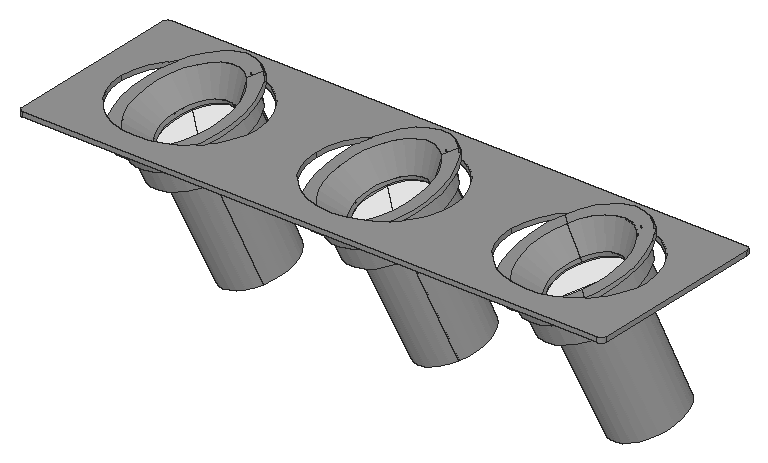
Revit family "0005312", category Lighting Fixtures, host Face, Revit 2017
Family settings
  Host = Face
  Round Connector Dimension = Use Diameter
  Part Type = Normal
  OmniClass Number = 23.80.70.00
  OmniClass Title = Lighting
  Cut with Voids When Loaded = No
  Light Source = No
  Shared = No
  Room Calculation Point = No
Parameters (values of type "0005312+0005306 Ludospot 50 Hous Sqr Rect X3 Cardan WHT + Ludospot 50 940lm 940 WB DIM")
  Weight = "n/a"
  Wattage Comments = ""
  WarrantyStartDate [instance] = "n/a"
  WarrantyGuarantorParts = "n/a"
  WarrantyDurationUnit = "n/a"
  WarrantyDurationParts = "n/a"
  WarrantyDescription = "n/a"
  WallThickness_SYL = 2 mm
  Voltage = 0 V
  VerticalRotationMid_SYL [instance] = 112.00°
  VerticalRotationRight_SYL [instance] = 112.00°
  VerticalRotationLeft_SYL [instance] = 112.00°
  URL = "http://www.sylvania-lighting.com"
  TypeName = "Ludospot 50 Hous Sqr Rect X3 Cardan WHT + Ludospot 50 940lm 940 WB DIM"
  TypeLamp_SYL = Ludospot 50 Modules : 0005306 Ludospot 50 940lm 940 WB DIM
  Type Image = <None>
  Type Comments = "n/a"
  TrimWidth_SYL = 105 mm
  TrimLength_SYL = 330 mm
  TrimHeight_SYL = 2.5 mm
  SerialNumber [instance] = "n/a"
  RecessWidth_SYL = 95 mm
  RecessLength_SYL = 315 mm
  RecessDepth_SYL = 100 mm
  RadiusTrim_SYL = 3 mm
  Material_3_SYL = none
  PowerFactor = 0.9
  PowerConsumption = "12 W"
  NominalLength = 220 mm
  NominalHeight = 0 mm
  NominalDepth = 105 mm
  Name = "Ludospot 50 Hous Sqr Rect X3 Cardan WHT + Ludospot 50 940lm 940 WB DIM"
  ModelReference = Name  # "Ludospot 50 Hous Sqr Rect X3 Cardan WHT + Ludospot 50 940lm 940 WB DIM"
  ModelNumber = "0005312+0005306"
  Model = Name  # "Ludospot 50 Hous Sqr Rect X3 Cardan WHT + Ludospot 50 940lm 940 WB DIM"
  Material = "aluminium housing"
  ManufacturerName = "Feilo Sylvania"
  Manufacturer = "Feilo Sylvania"
  LuminousEfficacy = "n/a"
  LuminaireType = ""
  LightOutputRatio = "n/a"
  LampsType = Lamp  # "LED"
  LampNominalLuminous = "940 lm"
  LampMacAdamStep = "3"
  LampColourTemperature = "4000 K"
  LampColourRenderingIndex = "90"
  Lamp = "LED"
  Keynote = "16500"
  InstallationDate [instance] = "n/a"
  InputVoltage = "220-240 V AC"
  InputNominalFrequency = "50/60 HZ"
  IngressProtection = "IP20"
  ImpactProtectionIndex = "IK03"
  IfcExportType = "IfcLightFixtureType"
  IfcExportAs = "IfcLightFixtureType"
  HorizontalRotationMid_SYL [instance] = 315.00°
  HorizontalRotationRight_SYL [instance] = 315.00°
  HorizontalRotationLeft_SYL [instance] = 315.00°
  HoleDist_SYL = 220 mm
  EndAngleMid_SYL [instance] = HorizontalRotationMid_SYL + 180.00°  # 495.00°
  EndAngleRight_SYL [instance] = HorizontalRotationRight_SYL + 180.00°  # 495.00°
  EndAngleLeft_SYL [instance] = HorizontalRotationLeft_SYL + 180.00°  # 495.00°
  ElectricShockClassification = "Class II"
  DocumentationLiterature = "http://www.sylvania-lighting.com/product/en-int/products/0005312"
  DimmingControlOptions = "n/a"
  Material_2_SYL = none
  Description = ""
  Default Elevation = 1219.2 mm
  CreatedOn = "7/29/2019"
  CreatedBy = "@sylvania-lighting.com"
  Cost = 0
  built-in parameter 1114216 [instance] = (empty or 0)
  ClassificationValue = "EF_70_80"
  ClassificationName = "Uniclass2015"
  Material_1_SYL = PC/ABS Plastic
  CircularCutOutDia_SYL = 38.5 mm
  BarCode [instance] = "n/a"
  AssetType = "Fixed"
  AssetIdentifier [instance] = "n/a"
  Assembly Code = "D5020200"
  Apparent Load = 0 VA
  Material_4_SYL = none
Types (6, lengths in mm): name | TypeName | TypeLamp_SYL | Name | ModelReference | ModelNumber | Model | LampNominalLuminous | LampColourTemperature
  0005312+0005306 Ludospot 50 Hous Sqr Rect X3 Cardan WHT + Ludospot 50 940lm 940 WB DIM | "Ludospot 50 Hous Sqr Rect X3 Cardan WHT + Ludospot 50 940lm 940 WB DIM" | Ludospot 50 Modules : 0005306 Ludospot 50 940lm 940 WB DIM | "Ludospot 50 Hous Sqr Rect X3 Cardan WHT + Ludospot 50 940lm 940 WB DIM" | "Ludospot 50 Hous Sqr Rect X3 Cardan WHT + Ludospot 50 940lm 940 WB DIM" | "0005312+0005306" | "Ludospot 50 Hous Sqr Rect X3 Cardan WHT + Ludospot 50 940lm 940 WB DIM" | "940 lm" | "4000 K"
  0005312+0005305 Ludospot 50 Hous Sqr Rect X3 Cardan WHT + Ludospot 50 920lm 930 WB DIM | "Ludospot 50 Hous Sqr Rect X3 Cardan WHT + Ludospot 50 920lm 930 WB DIM" | Ludospot 50 Modules : 0005305 Ludospot 50 920lm 940 WB DIM | "Ludospot 50 Hous Sqr Rect X3 Cardan WHT + Ludospot 50 920lm 930 WB DIM" | "Ludospot 50 Hous Sqr Rect X3 Cardan WHT + Ludospot 50 920lm 930 WB DIM" | "0005312+0005305" | "Ludospot 50 Hous Sqr Rect X3 Cardan WHT + Ludospot 50 920lm 930 WB DIM" | "920 lm" | "3000 K"
  0005312+0005304 Ludospot 50 Hous Sqr Rect X3 Cardan WHT + Ludospot 50 1000lm 940 MB DIM | "Ludospot 50 Hous Sqr Rect X3 Cardan WHT + Ludospot 50 1000lm 940 MB DIM" | Ludospot 50 Modules : 0005304 Ludospot 50 1000lm 940 MB DIM | "Ludospot 50 Hous Sqr Rect X3 Cardan WHT + Ludospot 50 1000lm 940 MB DIM" | "Ludospot 50 Hous Sqr Rect X3 Cardan WHT + Ludospot 50 1000lm 940 MB DIM" | "0005312+0005304" | "Ludospot 50 Hous Sqr Rect X3 Cardan WHT + Ludospot 50 1000lm 940 MB DIM" | "950 lm" | "4000 K"
  0005312+0005303 Ludospot 50 Hous Sqr Rect X3 Cardan WHT + Ludospot 50 950lm 930 MB DIM | "Ludospot 50 Hous Sqr Rect X3 Cardan WHT + Ludospot 50 950lm 930 MB DIM" | Ludospot 50 Modules : 0005303 Ludospot 50 950lm 930 MB DIM | "Ludospot 50 Hous Sqr Rect X3 Cardan WHT + Ludospot 50 950lm 930 MB DIM" | "Ludospot 50 Hous Sqr Rect X3 Cardan WHT + Ludospot 50 950lm 930 MB DIM" | "0005312+0005303" | "Ludospot 50 Hous Sqr Rect X3 Cardan WHT + Ludospot 50 950lm 930 MB DIM" | "1000 lm" | "3000 K"
  0005312+0005302 Ludospot 50 Hous Sqr Rect X3 Cardan WHT + Ludospot 50 990lm 940 NB DIM | "Ludospot 50 Hous Sqr Rect X3 Cardan WHT + Ludospot 50 990lm 940 NB DIM" | Ludospot 50 Modules : 0005302 Ludospot 50 990lm 930 NB DIM | "Ludospot 50 Hous Sqr Rect X3 Cardan WHT + Ludospot 50 990lm 940 NB DIM" | "Ludospot 50 Hous Sqr Rect X3 Cardan WHT + Ludospot 50 990lm 940 NB DIM" | "0005312+0005302" | "Ludospot 50 Hous Sqr Rect X3 Cardan WHT + Ludospot 50 990lm 940 NB DIM" | "990 lm" | "4000 K"
  0005312+0005301 Ludospot 50 Hous Sqr Rect X3 Cardan WHT + Ludospot 50 950lm 930 NB DIM | "Ludospot 50 Hous Sqr Rect X3 Cardan WHT + Ludospot 50 950lm 930 NB DIM" | Ludospot 50 Modules : 0005301 Ludospot 50 950lm 930 NB DIM | "Ludospot 50 Hous Sqr Rect X3 Cardan WHT + Ludospot 50 950lm 930 NB DIM" | "Ludospot 50 Hous Sqr Rect X3 Cardan WHT + Ludospot 50 950lm 930 NB DIM" | "0005312+0005301" | "Ludospot 50 Hous Sqr Rect X3 Cardan WHT + Ludospot 50 950lm 930 NB DIM" | "950 lm" | "3000 K"
Reference planes
  plane 1 "Center (Front/Back)": y = 0
  plane 2: z = 0
  plane 3 "Center (Left/Right)": x = 0
  plane 4: x = -165
  plane 5: x = 165
  plane 6: y = 52.5
  plane 7: y = -52.5
  plane 8: x = 157.5
  plane 9: x = -157.5
  plane 10: y = 47.5
  plane 11: y = -47.5
  plane 12: z = -100
  plane 13: x = -100
  plane 14: x = 100
  plane 15: y = 43
  plane 16: y = -43
  plane 17: z = 2.5
  plane 18: x = -98
  plane 19: x = 98
  plane 20: y = 41
  plane 21: y = -41
  plane 22: z = 2.5
  plane 23: x = 110
  plane 24: x = -110
  plane 25: z = -18.5
  plane 26: z = -3.5
Forms (mm)
  Extrusion 1, void
    sketch origin (0, 0, 0) x (1, 0, 0) y (0, 1, 0)
      loop
        line (-157.5, 47.5) -> (-157.5, -47.5) -> (157.5, -47.5) -> (157.5, 47.5) -> (-157.5, 47.5)
    from 0 to -100
  Extrusion 2, solid, material "PC/ABS Plastic" <- "Material_1_SYL"
    sketch origin (0, 0, 0) x (1, 0, 0) y (0, 1, 0)
      loop
        arc (-162, 52.5) -> (-164.121, 51.621) -> (-165, 49.5) r 3
        line (-165, 49.5) -> (-165, -49.5)
        arc (-165, -49.5) -> (-164.121, -51.621) -> (-162, -52.5) r 3
        line (-162, -52.5) -> (162, -52.5)
        arc (162, -52.5) -> (164.121, -51.621) -> (165, -49.5) r 3
        line (165, -49.5) -> (165, 49.5)
        arc (165, 49.5) -> (164.121, 51.621) -> (162, 52.5) r 3
        line (162, 52.5) -> (-162, 52.5)
    from 0 to 2.5
  Extrusion 3, void
    sketch origin (1223.4, -4572, 2.5) x (-1, 0, 0) y (0, -1, 0)
      loop
        circle (1333.4, -4572) r 38.5
      loop
        circle (1113.4, -4572) r 38.5
      loop
        circle (1223.4, -4572) r 38.5
    from 0 to -21
  Revolve 4, solid, not visible
    sketch origin (0, 0, 1.484) x (1, 0, 0) y (0, 0, 1)
      loop
        line (-110, -19.984) -> (-110, -29.984) -> (-105, -29.984) -> (-105, -19.984) -> (-110, -19.984)
      axis (-110, -19.984) -> (-110, -29.984)
    angle from 315 <- "HorizontalRotationLeft_SYL" to 495 <- "EndAngleLeft_SYL"
  Revolve 5, solid, not visible
    sketch origin (0, 0, 1.484) x (1, 0, 0) y (0, 0, 1)
      loop
        line (110, -19.984) -> (110, -29.984) -> (115, -29.984) -> (115, -19.984) -> (110, -19.984)
      axis (110, -19.984) -> (110, -29.984)
    angle from 315 <- "HorizontalRotationRight_SYL" to 495 <- "EndAngleRight_SYL"
  Revolve 6, solid, not visible
    sketch origin (0, 0, 0) x (1, 0, 0) y (0, 0, 1)
      loop
        line (0, -18.5) -> (0, -28.5) -> (5, -28.5) -> (5, -18.5) -> (0, -18.5)
      axis (0, -18.5) -> (0, -28.5)
    angle from 315 <- "HorizontalRotationMid_SYL" to 495 <- "EndAngleMid_SYL"
Cuts and joins
  Extrusion 3 cuts Extrusion 2
Lines and regions (mm)
  reference lines
    curve 1: circle (-110, 0, 2.5) r 38.5 normal (0, 0, -1)
    curve 2: circle (110, 0, 2.5) r 38.5 normal (0, 0, -1)
    curve 3: circle (0, 0, 2.5) r 38.5 normal (0, 0, -1)
Dimensions and locks
  equal spacing: plane 11, plane 1 "Center (Front/Back)", plane 10
  equal spacing: plane 9, plane 3 "Center (Left/Right)", plane 8
  equal spacing: plane 4, plane 3 "Center (Left/Right)", plane 5
  equal spacing: plane 7, plane 1 "Center (Front/Back)", plane 6
  "TrimLength_SYL": plane 4 to plane 5
  "TrimWidth_SYL": plane 7 to plane 6
  "RecessWidth_SYL": plane 11 to plane 10
  "RecessLength_SYL": plane 9 to plane 8
  "RecessDepth_SYL": plane 2 to plane 12
  equal spacing: plane 13, plane 3 "Center (Left/Right)", plane 14
  locked: plane 13 to plane 14 at 200
  equal spacing: plane 16, plane 1 "Center (Front/Back)", plane 15
  locked: plane 16 to plane 15 at 86
  "TrimHeight_SYL": plane 17 to plane 2
  equal spacing: plane 18, plane 3 "Center (Left/Right)", plane 19
  equal spacing: plane 21, plane 1 "Center (Front/Back)", plane 20
  "WallThickness_SYL": plane 13 to plane 18
  "WallThickness_SYL": plane 16 to plane 21
  equal spacing: plane 24, plane 3 "Center (Left/Right)", plane 23
  "HoleDist_SYL": plane 24 to plane 23
  locked: plane 22 to plane 26 at 6
  equal spacing: host sketch curve, plane 1 "Center (Front/Back)", host sketch curve
  equal spacing: host sketch curve, plane 3 "Center (Left/Right)", host sketch curve
  "CircularCutOutDia_SYL": radius of curve 2
  "CircularCutOutDia_SYL": radius of curve 1
  "RadiusTrim_SYL": radius of Extrusion 2 sketch curve  (x4)
  "CircularCutOutDia_SYL": radius of curve 3
  aligned and locked: plane 2 to host face
  aligned and locked: level to host face
  aligned and locked: plane 10 to Extrusion 1 sketch curve
  aligned and locked: plane 9 to Extrusion 1 sketch curve
  aligned and locked: Extrusion 1 sketch curve to plane 11
  aligned and locked: Extrusion 1 sketch curve to plane 8
  aligned and locked: level to Extrusion 1
  aligned and locked: plane 12 to Extrusion 1
  aligned and locked: plane 2 to Extrusion 1
  aligned and locked: plane 6 to Extrusion 2 sketch curve
  aligned and locked: plane 4 to Extrusion 2 sketch curve
  aligned and locked: Extrusion 2 sketch curve to plane 7
  aligned and locked: Extrusion 2 sketch curve to plane 5
  aligned and locked: Extrusion 2 to plane 17
  aligned and locked: Extrusion 2 to level
  aligned and locked: Extrusion 3 sketch curve to curve 1
  aligned and locked: Extrusion 3 sketch curve to curve 2
  aligned and locked: Extrusion 3 to plane 22
  aligned and locked: plane 25 to Extrusion 3
  aligned and locked: Revolve 4 sketch curve to plane 24
  aligned and locked: plane 24 to Revolve 4 sketch curve
  aligned and locked: Revolve 5 sketch curve to plane 23
  aligned and locked: plane 23 to Revolve 5 sketch curve
  aligned and locked: Extrusion 3 sketch curve to curve 3
  aligned and locked: plane 25 to Revolve 6 sketch curve
  aligned and locked: plane 3 "Center (Left/Right)" to Revolve 6 sketch curve
  aligned and locked: Revolve 6 sketch curve to plane 3 "Center (Left/Right)"
Automatic sketch dimensions
  plane 24 to Revolve 4 sketch curve = 5 mm
  Revolve 4 sketch curve to Revolve 4 sketch curve = 10 mm
  plane 12 to Revolve 4 sketch curve = 203.316 mm
  Revolve 4 sketch curve to plane 17 = 2437.384 mm
  plane 23 to Revolve 5 sketch curve = 5 mm
  Revolve 5 sketch curve to Revolve 5 sketch curve = 10 mm
  plane 12 to Revolve 5 sketch curve = 203.316 mm
  Revolve 5 sketch curve to plane 17 = 2437.384 mm
  Revolve 4 sketch curve to plane 25 = 0 mm
  Revolve 5 sketch curve to plane 25 = 0 mm
  plane 3 "Center (Left/Right)" to Revolve 6 sketch curve = 5 mm
  plane 25 to Revolve 6 sketch curve = 10 mm
  plane 12 to Revolve 6 sketch curve = 509.6 mm
  Revolve 6 sketch curve to plane 17 = 2606.558 mm
  plane 1 "Center (Front/Back)" to curve 2 = 0 mm
  plane 1 "Center (Front/Back)" to curve 3 = 0 mm
  plane 1 "Center (Front/Back)" to curve 1 = 0 mm
  curve 1 to plane 24 = 0 mm
  curve 3 to plane 3 "Center (Left/Right)" = 0 mm
  curve 2 to plane 23 = 0 mm
Nested families
  nested 1: "VerticalRotation" at (110, 0, -3.5) x (-0.7071, 0.7071, 0) z (-0.7071, -0.7071, 0), VerticalRotation_SYL <- "VerticalRotationRight_SYL", type "Type Name", not visible
    with VerticalRotation_SYL 112.00°, EndAngleV_SYL 292.00°
  nested 2: "VerticalRotation" at (-110, 0, -3.5) x (-0.7071, 0.7071, 0) z (-0.7071, -0.7071, 0), VerticalRotation_SYL <- "VerticalRotationLeft_SYL", type "Type Name", not visible
    with VerticalRotation_SYL 112.00°, EndAngleV_SYL 292.00°
  nested 3: "Dial" at (110, 0, -3.5) x (0.7071, -0.7071, 0) z (0.2649, 0.2649, -0.9272), type "Type Name"
  nested 4: "Dial" at (-110, 0, -3.5) x (0.6556, 0.6556, 0.3746) z (0.2649, 0.2649, -0.9272), type "Type Name"
  nested 5: "Ludospot 50 Modules" at (-107.616, 2.384, -11.845) x (0.7071, -0.7071, 0) z (-0.2649, -0.2649, 0.9272), type <- "TypeLamp_SYL", type "0005306 Ludospot 50 940lm 940 WB DIM"
    with WarrantyStartDate "n/a", SerialNumber "n/a", InstallationDate "n/a", built-in parameter 1114216 (empty or 0), BarCode "n/a", AssetIdentifier "n/a"
  nested 6: "Ludospot 50 Modules" at (112.384, 2.384, -11.845) x (-0.6556, -0.6556, -0.3746) z (-0.2649, -0.2649, 0.9272), type <- "TypeLamp_SYL", type "0005306 Ludospot 50 940lm 940 WB DIM"
    with WarrantyStartDate "n/a", SerialNumber "n/a", InstallationDate "n/a", built-in parameter 1114216 (empty or 0), BarCode "n/a", AssetIdentifier "n/a"
  nested 7: "VerticalRotation" at (0, 0, -3.5) x (-0.7071, 0.7071, 0) z (-0.7071, -0.7071, 0), VerticalRotation_SYL <- "VerticalRotationMid_SYL", type "Type Name", not visible
    with VerticalRotation_SYL 112.00°, EndAngleV_SYL 292.00°
  nested 8: "Dial" at (0, 0, -3.5) x (0.6556, 0.6556, 0.3746) z (0.2649, 0.2649, -0.9272), type "Type Name"
  nested 9: "Ludospot 50 Modules" at (2.384, 2.384, -11.845) x (0.7071, -0.7071, 0) z (-0.2649, -0.2649, 0.9272), type <- "TypeLamp_SYL", type "0005306 Ludospot 50 940lm 940 WB DIM"
    with WarrantyStartDate "n/a", SerialNumber "n/a", InstallationDate "n/a", built-in parameter 1114216 (empty or 0), BarCode "n/a", AssetIdentifier "n/a"
Definition of nested family "VerticalRotation"
  Parameters (values of type "Type Name")
    VerticalRotation_SYL [instance] = 0.00°
    URL = "http://www.sylvania-lighting.com"
    Type Image = (empty or 0)
    Type Comments = "n/a"
    Material_3_SYL = none
    Model = ""
    Manufacturer = "Feilo Sylvania"
    Keynote = ""
    Material_2_SYL = none
    EndAngleV_SYL [instance] = VerticalRotation_SYL + 180.00°  # 180.00°
    Description = ""
    Default Elevation = 1219.2 mm
    Cost = 0
    Material_1_SYL = none
    Assembly Code = ""
    Material_4_SYL = none
  Reference planes
    plane 1 "Center (Front/Back)": y = 0
    plane 2: z = 0
    plane 3 "Center (Left/Right)": x = 0
  Forms (mm)
    Extrusion 1, solid
      sketch origin (4.2, 0, 0) x (1, 0, 0) y (0, 1, 0)
        loop
          line (-1219.2, 1219.2) -> (-1219.2, -1219.2) -> (1219.2, -1219.2) -> (1219.2, 1219.2) -> (-1219.2, 1219.2)
      from 0 to -68.017
    Revolve 2, solid
      sketch origin (0, 0, 0) x (1, 0, 0) y (0, 1, 0)
        loop
          line (0, 0) -> (25, 0) -> (25, 10) -> (0, 10) -> (0, 0)
        axis (25, 0) -> (0, 0)
      angle from 0 <- "VerticalRotation_SYL" to 180 <- "EndAngleV_SYL"
  Dimensions and locks
    aligned and locked: plane 2 to Extrusion 1
    aligned and locked: level to Extrusion 1
    aligned and locked: Revolve 2 sketch curve to plane 1 "Center (Front/Back)"
Definition of nested family "Dial"
  Parameters (values of type "Type Name")
    URL = "http://www.sylvania-lighting.com"
    Type Image = (empty or 0)
    Type Comments = "n/a"
    Material_3_SYL = none
    Model = ""
    Manufacturer = "Feilo Sylvania"
    Keynote = ""
    Material_2_SYL = none
    Description = ""
    Default Elevation = 1219.2 mm
    Cost = 0
    Material_1_SYL = none
    Assembly Code = ""
    Material_4_SYL = none
  Reference planes
    plane 1 "Center (Front/Back)": y = 0
    plane 2: z = 0
    plane 3 "Center (Left/Right)": x = 0
    plane 4: x = -38.2
    plane 5: x = -30
    plane 6: x = -20
    plane 7: x = -25
    plane 8: z = 7
    plane 9: z = 9
    plane 10: z = 20
    plane 11: z = -6
    plane 12: x = -32.5
    plane 13: z = -4
  Forms (mm)
    Extrusion 1, solid
      sketch origin (4.2, 0, 0) x (1, 0, 0) y (0, 1, 0)
        loop
          line (-1219.2, 1219.2) -> (-1219.2, -1219.2) -> (1219.2, -1219.2) -> (1219.2, 1219.2) -> (-1219.2, 1219.2)
      from 0 to -68.017
    Revolve 2, solid, material <- "Material_1_SYL"
      sketch origin (0, 0, 0) x (1, 0, 0) y (0, 0, 1)
        loop
          line (-25, 20) -> (-30, 20) -> (-30, 7) -> (-32.5, 7) -> (-32.5, -4) -> (-38.2, -4) -> (-38.2, -6) -> (-30, -6) -> (-20, 7) -> (-20, 9) -> (-25, 9) -> (-25, 20)
        axis (0, 20) -> (0, -6)
      angle from 360 to 0
  Dimensions and locks
    locked: plane 2 to plane 11 at 6
    locked: plane 9 to plane 11 at 15
    locked: plane 9 to plane 8 at 2
    locked: plane 10 to plane 11 at 26
    locked: plane 3 "Center (Left/Right)" to plane 4 at 38.2
    locked: plane 3 "Center (Left/Right)" to plane 5 at 30
    locked: plane 3 "Center (Left/Right)" to plane 7 at 25
    locked: plane 3 "Center (Left/Right)" to plane 6 at 20
    locked: plane 3 "Center (Left/Right)" to plane 12 at 32.5
    locked: plane 13 to plane 11 at 2
    aligned and locked: plane 2 to Extrusion 1
    aligned and locked: level to Extrusion 1
    aligned and locked: Revolve 2 sketch curve to plane 3 "Center (Left/Right)"
    aligned and locked: plane 7 to Revolve 2 sketch curve  (x2)
    aligned and locked: Revolve 2 sketch curve to plane 10
    aligned and locked: Revolve 2 sketch curve to plane 5
    aligned and locked: plane 11 to Revolve 2 sketch curve  (x2)
    aligned and locked: Revolve 2 sketch curve to plane 4
    aligned and locked: plane 6 to Revolve 2 sketch curve  (x2)
    aligned and locked: Revolve 2 sketch curve to plane 9
    aligned and locked: plane 12 to Revolve 2 sketch curve
    aligned and locked: plane 8 to Revolve 2 sketch curve
Definition of nested family "Ludospot 50 Modules"
  Parameters (values of type "0005305 Ludospot 50 920lm 940 WB DIM")
    Weight = ""
    Wattage Comments = ""
    Wattage = 12 W
    WarrantyStartDate [instance] = "n/a"
    WarrantyGuarantorParts = "n/a"
    WarrantyDurationUnit = "n/a"
    WarrantyDurationParts = "n/a"
    WarrantyDescription = "n/a"
    built-in parameter 1150110 = 1 (stored number, unit not read)
    Voltage = 220 V
    URL = "http://www.sylvania-lighting.com"
    TypeName = "Ludospot 50 920lm 940 WB DIM"
    Type Image = (empty or 0)
    Type Comments = "n/a"
    built-in parameter 1114217 = 1 (stored number, unit not read)
    Tilt Angle = -90.00°
    built-in parameter 1150109 = 1 (stored number, unit not read)
    built-in parameter 1150134 = (empty or 0)
    built-in parameter 1150113 = 1 (stored number, unit not read)
    SerialNumber [instance] = "n/a"
    Photometric Web File = "0005305.ies"
    Material_3_SYL = none
    PowerFactor = 0.9
    PowerConsumption = "12 W"
    NominalLength = 50 mm
    NominalHeight = 73 mm
    NominalDepth = 50 mm
    Name = "0005305 Ludospot 50 920lm 940 WB DIM"
    ModelReference = Name  # "0005305 Ludospot 50 920lm 940 WB DIM"
    ModelNumber = "0005305"
    Model = Name  # "0005305 Ludospot 50 920lm 940 WB DIM"
    Material = "aluminium housing"
    ManufacturerName = "Feilo Sylvania"
    Manufacturer = "Feilo Sylvania"
    LuminousEfficacy = "77 lm/W"
    built-in parameter 1150105 = 73.53 (stored number, unit not read)
    Lumens = 924 lm
    LuminaireType = ""
    built-in parameter 1150115 = 1 (stored number, unit not read)
    LightOutputRatio = ""
    built-in parameter 1150137 = (empty or 0)
    built-in parameter 1150139 = (empty or 0)
    LampsType = Lamp  # "LED"
    LampNominalLuminous = "920 lm"
    LampMacAdamStep = "3"
    LampColourTemperature = "3000 K"
    LampColourRenderingIndex = "90"
    built-in parameter 1150112 = 1 (stored number, unit not read)
    built-in parameter 1150114 = 1 (stored number, unit not read)
    Lamp = "LED"
    Keynote = "16500"
    InstallationDate [instance] = "n/a"
    InputVoltage = "220-240 V AC"
    InputNominalFrequency = "50/60 HZ"
    built-in parameter 1150132 = (empty or 0)
    built-in parameter 1150102 = (empty or 0)
    built-in parameter 1150107 = 3000 (stored number, unit not read)
    built-in parameter 1150138 = (empty or 0)
    IngressProtection = "IP44/20"
    ImpactProtectionIndex = "IK07"
    built-in parameter 1150106 = 0.7353 (stored number, unit not read)
    IfcExportType = "IfcLightFixtureType"
    IfcExportAs = "IfcLightFixtureType"
    Emit from Circle Diameter = 40 mm
    Emit Shape Visible in Rendering = no
    ElectricShockClassification = "Class II"
    built-in parameter 1150104 = 7.1535 (stored number, unit not read)
    DocumentationLiterature = "https://www.sylvania-lighting.com/product/en-int/products/0005305/"
    DimmingControlOptions = "Mains: leading / trailing edge"
    Material_2_SYL = none
    Dimming Lamp Color Temperature Shift = (empty or 0)
    Description = ""
    Default Elevation = 1219.2 mm
    CreatedOn = ""
    CreatedBy = ""
    Cost = 0
    Color Filter = 16777215
    built-in parameter 1114216 [instance] = (empty or 0)
    ClassificationValue = "EF_70_80"
    ClassificationName = "Uniclass2015"
    Material_1_SYL = none
    BarCode [instance] = "n/a"
    built-in parameter 1114218 = 1 (stored number, unit not read)
    built-in parameter 1150133 = 10 (stored number, unit not read)
    AssetType = ""
    AssetIdentifier [instance] = "n/a"
    Assembly Code = "D5020200"
    Apparent Load = 12 VA
    Material_4_SYL = none
  Types (6, lengths in mm): name | TypeName | built-in parameter 1150134 | Photometric Web File | Name | ModelReference | ModelNumber | Model | LuminousEfficacy | built-in parameter 1150105 | Lumens | LampNominalLuminous | LampColourTemperature | built-in parameter 1150107 | ImpactProtectionIndex | built-in parameter 1150106 | built-in parameter 1150104 | DocumentationLiterature
    0005305 Ludospot 50 920lm 940 WB DIM | "Ludospot 50 920lm 940 WB DIM" | (empty or 0) | "0005305.ies" | "0005305 Ludospot 50 920lm 940 WB DIM" | "0005305 Ludospot 50 920lm 940 WB DIM" | "0005305" | "0005305 Ludospot 50 920lm 940 WB DIM" | "77 lm/W" | 73.53 (stored number, unit not read) | 924 lm | "920 lm" | "3000 K" | 3000 (stored number, unit not read) | "IK07" | 0.7353 (stored number, unit not read) | 7.1535 (stored number, unit not read) | "https://www.sylvania-lighting.com/product/en-int/products/0005305/"
    0005304 Ludospot 50 1000lm 940 MB DIM | "Ludospot 50 1000lm 940 MB DIM" | 12 | "0005304.ies" | "0005304 Ludospot 50 1000lm 940 MB DIM" | "0005304 Ludospot 50 1000lm 940 MB DIM" | "0005304" | "0005304 Ludospot 50 1000lm 940 MB DIM" | "83 lm/W" | 79.259 (stored number, unit not read) | 996 lm | "950 lm" | "4000 K" | 4000 (stored number, unit not read) | "IK06" | 0.79259 (stored number, unit not read) | 7.711 (stored number, unit not read) | "https://www.sylvania-lighting.com/product/en-int/products/0005304/"
    0005303 Ludospot 50 950lm 930 MB DIM | "Ludospot 50 950lm 930 MB DIM" | (empty or 0) | "0005303.ies" | "0005303 Ludospot 50 950lm 930 MB DIM" | "0005303 Ludospot 50 950lm 930 MB DIM" | "0005303" | "0005303 Ludospot 50 950lm 930 MB DIM" | "80 lm/W" | 76.394 (stored number, unit not read) | 960 lm | "1000 lm" | "3000 K" | 3000 (stored number, unit not read) | "IK05" | 0.76394 (stored number, unit not read) | 7.4322 (stored number, unit not read) | "https://www.sylvania-lighting.com/product/en-int/products/0005303/"
    0005302 Ludospot 50 990lm 930 NB DIM | "Ludospot 50 990lm 930 NB DIM" | 12 | "0005302.ies" | "0005302 Ludospot 50 990lm 930 NB DIM" | "0005302 Ludospot 50 990lm 930 NB DIM" | "0005302" | "0005302 Ludospot 50 990lm 930 NB DIM" | "83 lm/W" | 79.259 (stored number, unit not read) | 996 lm | "990 lm" | "4000 K" | 4000 (stored number, unit not read) | "IK04" | 0.79259 (stored number, unit not read) | 7.711 (stored number, unit not read) | "https://www.sylvania-lighting.com/product/en-int/products/0005302/"
    0005301 Ludospot 50 950lm 930 NB DIM | "Ludospot 50 950lm 930 NB DIM" | (empty or 0) | "0005301.ies" | "0005301 Ludospot 50 950lm 930 NB DIM" | "0005301 Ludospot 50 950lm 930 NB DIM" | "0005301" | "0005301 Ludospot 50 950lm 930 NB DIM" | "80 lm/W" | 76.394 (stored number, unit not read) | 960 lm | "950 lm" | "3000 K" | 3000 (stored number, unit not read) | "IK03" | 0.76394 (stored number, unit not read) | 7.4322 (stored number, unit not read) | "https://www.sylvania-lighting.com/product/en-int/products/0005301/"
    0005306 Ludospot 50 940lm 940 WB DIM | "Ludospot 50 940lm 940 WB DIM" | 12 | "0005306.ies" | "0005306 Ludospot 50 940lm 940 WB DIM" | "0005306 Ludospot 50 940lm 940 WB DIM" | "0005306" | "0005306 Ludospot 50 940lm 940 WB DIM" | "78 lm/W" | 74.485 (stored number, unit not read) | 936 lm | "940 lm" | "4000 K" | 4000 (stored number, unit not read) | "IK08" | 0.74485 (stored number, unit not read) | 7.2464 (stored number, unit not read) | "https://www.sylvania-lighting.com/product/en-int/products/0005306/"
  Reference planes
    plane 1 "Center (Front/Back)": y = 0
    plane 2: z = 0
    plane 3 "Center (Left/Right)": x = 0
    plane 4: x = -25
    plane 5: z = -2.7
    plane 6: x = -23.6
    plane 7: z = -3.7
    plane 8: z = -12.7
    plane 9: z = -25.7
    plane 10: x = -22
    plane 11: z = -73
    plane 12: x = -21
    plane 13: z = -1.3
  Forms (mm)
    Extrusion 1, solid
      sketch origin (4.2, 0, 0) x (1, 0, 0) y (0, 1, 0)
        loop
          line (-1219.2, 1219.2) -> (-1219.2, -1219.2) -> (1219.2, -1219.2) -> (1219.2, 1219.2) -> (-1219.2, 1219.2)
      from 0 to -68.017
    Revolve 2, solid, material <- "Material_1_SYL"
      sketch origin (0, 0, 0) x (1, 0, 0) y (0, 0, 1)
        loop
          line (-25, 0) -> (-25, -2.7) -> (-23.6, -2.7) -> (-23.6, -3.7) -> (-22, -12.7) -> (-21, -73) -> (0, -73) -> (0, -1.3) -> (-21, -1.3) -> (-21, 0) -> (-25, 0)
        axis (0, 0) -> (0, -73)
      angle from 360 to 0
  Dimensions and locks
    locked: plane 3 "Center (Left/Right)" to plane 4 at 25
    locked: plane 3 "Center (Left/Right)" to plane 6 at 23.6
    locked: plane 7 to plane 8 at 9
    locked: plane 3 "Center (Left/Right)" to plane 10 at 22
    locked: plane 2 to plane 11 at 73
    locked: plane 3 "Center (Left/Right)" to plane 12 at 21
    plane 2 to plane 13 to plane 5 to plane 7 = 1.3 mm locked, 1.4 mm locked, 1 mm locked
    aligned and locked: plane 2 to Extrusion 1
    aligned and locked: level to Extrusion 1
    aligned and locked: Revolve 2 sketch curve to plane 4
    aligned and locked: plane 5 to Revolve 2 sketch curve
    aligned and locked: Revolve 2 sketch curve to plane 6
    aligned and locked: plane 8 to Revolve 2 sketch curve
    aligned and locked: plane 12 to Revolve 2 sketch curve  (x2)
    aligned and locked: plane 11 to Revolve 2 sketch curve
    aligned and locked: plane 3 "Center (Left/Right)" to Revolve 2 sketch curve
    aligned and locked: Revolve 2 sketch curve to level
    aligned and locked: plane 13 to Revolve 2 sketch curve  (x2)
    aligned and locked: Revolve 2 sketch curve to plane 12
    aligned and locked: level to imposter light
    aligned and locked: plane 3 "Center (Left/Right)" to imposter light
    aligned and locked: imposter light to plane 1 "Center (Front/Back)"
  Connectors
    electrical at (0, 0, -73), driven by "PowerFactor", driven by "Voltage", driven by "Apparent Load"
      settings: on Revolve 2, index 1, voltage 220 V, apparent load 12 VA, apparent load phase1 0 VA, apparent load phase2 0 VA, apparent load phase3 0 VA, power factor 0.9, load classification none, number of poles 1, system type 30, power factor state 1, is connector primary yes, connector utility no, sub classification motor no, connector description ""
